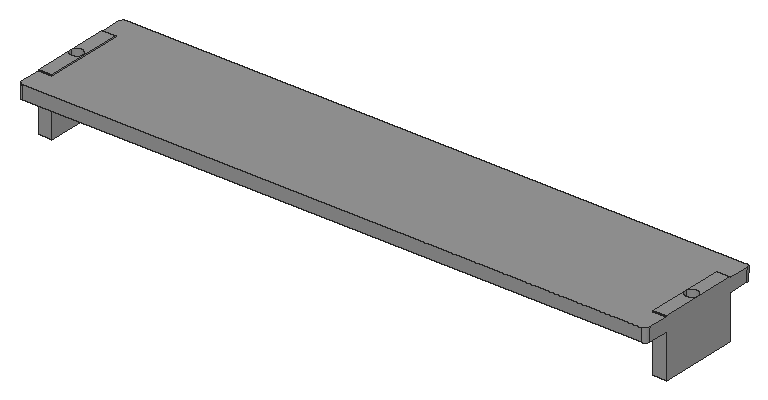
Revit family "Building-SurfaceMountingEnclosures-GEWISS-46-PANELS_BLANK_1M", category Attrezzatura elettrica, Revit 2016
Family settings
  Configurazione quadro = Due colonne, circuiti in orizzontale
  Tipo di parte = Pannello comandi
  Quota connettore circolare = Usa diametro
  Numero OmniClass = 23.80.30.11.17
  Titolo OmniClass = Distribution Boards and Control Panels
  Basato su piano di lavoro = Sì
  Sempre verticale = No
  Taglio con vuoti quando caricato = No
  Condiviso = No
  Punto di calcolo locali = Sì
Parameters (values of type "GW46429F - BLANK PANEL H1 800MM F&E")
  Version file RFA = "18.0"
  URL = "https://www.gewiss.com/ww/en"
  Technical sheet = "https://www.gewiss.com/ww/en/search?q=GW46429F"
  Suitable for: = "46QP - 46QM - 46QX"
  SEO = "Panel"
  Realized by GEWISS S.p.A. = ""
  Default Elevation = 1219.2 mm
  Profondità pannello = 66 mm  # constant formula
  Produttore = "GEWISS S.p.A."
  Pannello = GEWISS - GRIGIO RAL 7035
  Offset pannello [instance] = 545 mm
  Modello = "GW46429F"
  Lunghezza pannello = 718 mm
  Spessore pannello = 15 mm
  Immagine tipo = GW10015154.jpg
  IFC.TypeObject = ""
  IFC.ExportType = ""
  IFC.ExportAs = ""
  IDT = "e3b29c8d-f8e5-4afa-9503-9cc77dfe000c"
  IDF = "c2543ca1-cc41-4ac8-8b9d-6bad2676573e"
  Height = "1 Module"
  H_pannello = 149 mm  # constant formula
  H_da terra [instance] = 125.723 mm
  GEWISS SCHEDA TECNICA = "http://pro.gewiss.com/irj/portal/?NavigationTarget=pcd:portal_content/com.gewiss.ZPPFDMain/com.gewiss.ZPPFDITMain/com.gewiss.ZPPFDITMainDefault/com.gewiss.ZPPFDITPages/com.gewiss.ZPPFDITPagesAP/com.gewiss.ZPPFDITPagesAPCatalogo/com.gewiss.ZPPPDITAPProductDetail&codProd=GW46429F"
  For standard boards (mm) = "800"
  Electrocod = "0303"
  EAN code = "8011564283909"
  Descrizione = "BLANK PANEL H1 800MM F&E"
  Colour = "Grey RAL 7035"
  Characteristics = "Halogen free"
  Catalogue Range = "46 QP"
  Catalogue = "BUILDING"
  COBie.Tagnumber = ""
  COBie.CreatedOn = ""
  COBie.CreatebBy = ""
  COBie.ComponentRegisterItemID = ""
  COBie.Component.TagNumber = ""
  COBie.Component.Space = ""
  COBie.Component.SerialNumber = ""
  COBie.Component.InstallationDate = ""
  COBie.Component.Description = ""
  COBie.Component.BarCode = ""
  Assembly = "Fast & Easy quick"
  Accessories supplied = "Fixing accessories"
Types (5, lengths in mm): name | Technical sheet | Offset pannello | Modello | Lunghezza pannello | IDT | GEWISS SCHEDA TECNICA | For standard boards (mm) | EAN code | Descrizione
  GW46425F - BLANK PANEL H1 310MM F&E | "https://www.gewiss.com/ww/en/search?q=GW46425F" | 200 | "GW46425F" | 265 | "4ca25e6f-51a7-43ef-a670-5c980ab45080" | "http://pro.gewiss.com/irj/portal/?NavigationTarget=pcd:portal_content/com.gewiss.ZPPFDMain/com.gewiss.ZPPFDITMain/com.gewiss.ZPPFDITMainDefault/com.gewiss.ZPPFDITPages/com.gewiss.ZPPFDITPagesAP/com.gewiss.ZPPFDITPagesAPCatalogo/com.gewiss.ZPPPDITAPProductDetail&codProd=GW46425F" | "310" | "8011564283862" | "BLANK PANEL H1 310MM F&E"
  GW46426F - BLANK PANEL H1 405MM F&E | "https://www.gewiss.com/ww/en/search?q=GW46426F" | 545 | "GW46426F" | 358 | "b761b281-c045-415c-9c05-25d423966bed" | "http://pro.gewiss.com/irj/portal/?NavigationTarget=pcd:portal_content/com.gewiss.ZPPFDMain/com.gewiss.ZPPFDITMain/com.gewiss.ZPPFDITMainDefault/com.gewiss.ZPPFDITPages/com.gewiss.ZPPFDITPagesAP/com.gewiss.ZPPFDITPagesAPCatalogo/com.gewiss.ZPPPDITAPProductDetail&codProd=GW46426F" | "405" | "8011564283879" | "BLANK PANEL H1 405MM F&E"
  GW46427F - BLANK PANEL H1 515MM F&E | "https://www.gewiss.com/ww/en/search?q=GW46427F" | 545 | "GW46427F" | 466 | "038f8510-3666-45d7-b995-81bc5543ddeb" | "http://pro.gewiss.com/irj/portal/?NavigationTarget=pcd:portal_content/com.gewiss.ZPPFDMain/com.gewiss.ZPPFDITMain/com.gewiss.ZPPFDITMainDefault/com.gewiss.ZPPFDITPages/com.gewiss.ZPPFDITPagesAP/com.gewiss.ZPPFDITPagesAPCatalogo/com.gewiss.ZPPPDITAPProductDetail&codProd=GW46427F" | "515" | "8011564283886" | "BLANK PANEL H1 515MM F&E"
  GW46428F - BLANK PANEL H1 585MM F&E | "https://www.gewiss.com/ww/en/search?q=GW46428F" | 545 | "GW46428F" | 538 | "ad39cb94-79bb-4cfe-acad-1c33626a3c36" | "http://pro.gewiss.com/irj/portal/?NavigationTarget=pcd:portal_content/com.gewiss.ZPPFDMain/com.gewiss.ZPPFDITMain/com.gewiss.ZPPFDITMainDefault/com.gewiss.ZPPFDITPages/com.gewiss.ZPPFDITPagesAP/com.gewiss.ZPPFDITPagesAPCatalogo/com.gewiss.ZPPPDITAPProductDetail&codProd=GW46428F" | "585" | "8011564283893" | "BLANK PANEL H1 585MM F&E"
  GW46429F - BLANK PANEL H1 800MM F&E | "https://www.gewiss.com/ww/en/search?q=GW46429F" | 545 | "GW46429F" | 718 | "e3b29c8d-f8e5-4afa-9503-9cc77dfe000c" | "http://pro.gewiss.com/irj/portal/?NavigationTarget=pcd:portal_content/com.gewiss.ZPPFDMain/com.gewiss.ZPPFDITMain/com.gewiss.ZPPFDITMainDefault/com.gewiss.ZPPFDITPages/com.gewiss.ZPPFDITPagesAP/com.gewiss.ZPPFDITPagesAPCatalogo/com.gewiss.ZPPPDITAPProductDetail&codProd=GW46429F" | "800" | "8011564283909" | "BLANK PANEL H1 800MM F&E"
Reference planes
  plane 1 "Centro (Fronte/Retro)": z = 537.5
  plane 2 "1": z = 479
  plane 3 "Centro (Sinistra/Destra)": x = 0
  plane 4: x = -359
  plane 5: x = 359
  plane 6: y = 132
  plane 7: y = -17
  plane 8: y = 57.5
  plane 9: y = 12
  plane 10: y = 103
  plane 11 "11": z = 545
Forms (mm)
  Extrusion 1, solid, material "GEWISS - GRIGIO RAL 7035" <- "Pannello"
    sketch origin (0, 0, 545) x (1, 0, 0) y (0, 1, 0)
      loop
        arc (-354, 132) -> (-357.536, 130.536) -> (-359, 127) r 5
        line (-359, 127) -> (-359, -12)
        arc (-359, -12) -> (-357.536, -15.536) -> (-354, -17) r 5
        line (-354, -17) -> (354, -17)
        arc (354, -17) -> (357.536, -15.536) -> (359, -12) r 5
        line (359, -12) -> (359, 127)
        arc (359, 127) -> (357.536, 130.536) -> (354, 132) r 5
        line (354, 132) -> (-354, 132)
    from -16 to -1
  Extrusion 2, solid, material "GEWISS - GRIGIO RAL 7035" <- "Pannello"
    sketch origin (0, 0, 545) x (1, 0, 0) y (0, 1, 0)
      loop
        line (-359, 103) -> (-359, 12) -> (-343.121, 12) -> (-343.121, 103) -> (-359, 103)
    from -66 to 0
  Extrusion 3, solid, material "GEWISS - GRIGIO RAL 7035" <- "Pannello"
    sketch origin (0, 0, 545) x (1, 0, 0) y (0, 1, 0)
      loop
        line (359, 103) -> (343.121, 103) -> (343.121, 12) -> (359, 12) -> (359, 103)
    from -66 to 0
  Extrusion 4, void
    sketch origin (0, 0, 545) x (1, 0, 0) y (0, 1, 0)
      loop
        circle (351.421, 57.5) r 7.361
    from -66 to 0
  Extrusion 5, void
    sketch origin (0, 0, 545) x (1, 0, 0) y (0, 1, 0)
      loop
        circle (-351.421, 57.5) r 7.361
    from -66 to 8.5
Cuts and joins
  Extrusion 4, Extrusion 5 cuts Extrusion 1
  Extrusion 4, Extrusion 5 cuts Extrusion 2
  Extrusion 4, Extrusion 5 cuts Extrusion 3
  joined: Extrusion 1, Extrusion 2, Extrusion 3
Dimensions and locks
  equal spacing: plane 4, plane 3 "Centro (Sinistra/Destra)", plane 5
  "Lunghezza pannello": plane 4 to plane 5
  locked: Extrusion 2 sketch curve to plane 4 at 15.879
  locked: plane 5 to Extrusion 4 sketch curve at 7.579
  plane 6 to plane 10 to plane 9 to plane 7 = 29 mm, 91 mm, 29 mm
  "Offset pannello": plane 11 "11" to level
  locked: plane 11 "11" to plane 2 "1" at 66
  locked: cut or joined group of Extrusion 1, Extrusion 2, Extrusion 3, Extrusion 4, Extrusion 5 to cut or joined group of Extrusion 1, Extrusion 2, Extrusion 3, Extrusion 4, Extrusion 5 at 15
  aligned and locked: plane 4 to Extrusion 1 sketch curve
  aligned and locked: Extrusion 1 sketch curve to plane 5
  aligned and locked: Extrusion 1 sketch curve to plane 6
  aligned and locked: plane 7 to Extrusion 1 sketch curve
  aligned and locked: plane 4 to Extrusion 2 sketch curve
  aligned and locked: plane 9 to Extrusion 2 sketch curve
  aligned and locked: Extrusion 2 sketch curve to plane 10
  aligned and locked: plane 5 to Extrusion 3
  aligned and locked: Extrusion 3 to plane 11 "11"
  aligned and locked: plane 8 to Extrusion 4 sketch curve
  aligned and locked: Extrusion 4 to Extrusion 3
  aligned and locked: cut or joined group of Extrusion 1, Extrusion 2, Extrusion 3, Extrusion 4, Extrusion 5 to plane 2 "1"  (x4)
  aligned and locked: plane 11 "11" to cut or joined group of Extrusion 1, Extrusion 2, Extrusion 3, Extrusion 4, Extrusion 5
Automatic sketch dimensions
  plane 4 to Extrusion 1 sketch curve = 5 mm  (x2)
  Extrusion 1 sketch curve to Extrusion 1 sketch curve = 5 mm  (x2)
  plane 10 to Extrusion 3 sketch curve = 0 mm
  plane 9 to Extrusion 3 sketch curve = 0 mm
  Extrusion 3 sketch curve to plane 5 = 0 mm
  Extrusion 3 sketch curve to plane 5 = 15.879 mm
  Extrusion 5 sketch curve to plane 8 = 0 mm
  plane 4 to Extrusion 5 sketch curve = 7.579 mm
  radius of Extrusion 4 sketch curve = 7.361 mm
  radius of Extrusion 5 sketch curve = 7.361 mm
